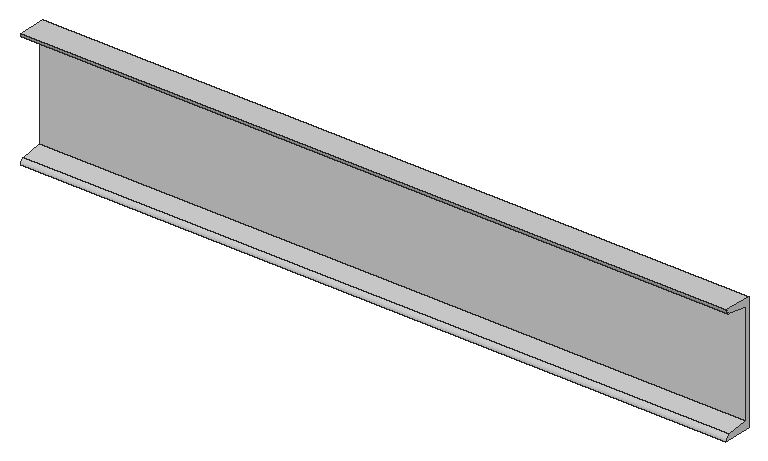
Revit family "99658f05857c4f8db6f27feab45fdcb0", category Structural Framing, Revit 2021
Family settings
  Structural Framing Length Roundoff = 0' - 0"
  Section Shape = Not Defined
  Material for Model Behavior = Steel
  Always export as geometry = No
  OmniClass Number = 23.25.30.11.14.14
  OmniClass Title = Beams
  Seek Item ID = MC-Miscellaneous Channel-0000-USA-ENU
  Always vertical = Yes
  Cut with Voids When Loaded = No
  Symbolic Representation = From Project Settings
  Shared = No
  Show family pre-cut in plan views = Yes
Parameters (values of type "MC8X8.5")
  W = 8.5
  Structural Material [instance] = Steel ASTM A36
  Assembly Code = "B10"
  Length [instance] = 5' - 0"
  bf = 0' - 1 223/256"
  d = 0' - 8"
  tf = 0' - 0 5/16"
  tw = 0' - 0 23/128"
  x = 0' - 0 55/128"
  A = 2.50 in²
Reference planes (in)
  plane 1 "Center (Front/Back)": y = 0
  plane 2: z = 0
  plane 3 "Center (Left/Right)": x = 0.1815
  plane 4 "Member Left": x = -23.8185
  plane 5 "Member Right": x = 24.1815
  plane 6: y = 0.42969
  plane 7: y = -1.44141
  plane 8 "Top": z = 4
  plane 9: z = -4
  plane 10 "Left": x = -29.8185
  plane 11 "Right": x = 30.1815
Forms (in)
  Sweep 1, solid, material "Steel ASTM A36" <- "Structural Material", detail levels fine
    path origin (0, 0, 0) x (1, 0, 0) y (0, 1, 0)
      loop
        line (24.1815, 0) -> (-23.8185, 0)
    profile "MC-Channel-Profile-Fine : MC-Channel-Profile-Fine" origin (0.1815, 0, 0) x (0, -1, 0) y (0, 0, 1)
      loop
        line (-0.42969, -4) -> (1.44141, -4)
        arc (1.44141, -4) -> (1.34988, -3.77903) -> (1.12891, -3.6875) r 0.3125
        line (1.12891, -3.6875) -> (-0.25, -3.4691) -> (-0.25, 3.4691) -> (1.12891, 3.6875)
        arc (1.12891, 3.6875) -> (1.34988, 3.77903) -> (1.44141, 4) r 0.3125
        line (1.44141, 4) -> (-0.42969, 4) -> (-0.42969, -4)
  Sweep 2, solid, material "Steel ASTM A36" <- "Structural Material", detail levels medium
    path origin (0, 0, 0) x (1, 0, 0) y (0, 1, 0)
      loop
        line (24.1815, 0) -> (-23.8185, 0)
    profile "MC-Channel-Profile-Medium : MC-Channel-Profile-Medium" origin (0.1815, 0, 0) x (0, -1, 0) y (0, 0, 1)
      loop
        line (-0.42969, -4) -> (1.44141, -4) -> (1.44141, -3.6875) -> (-0.25, -3.41961) -> (-0.25, 3.41961) -> (1.44141, 3.6875) -> (1.44141, 4) -> (-0.42969, 4) -> (-0.42969, -4)
Lines and regions (in)
  symbolic lines, style "Hidden Faces", detail levels medium+fine
    curve 1: line (-23.8185, 0.25, 0) -> (24.1815, 0.25, 0)
    curve 2: line (-23.8185, 0.6875, 3.46972) -> (24.1815, 0.6875, 3.46972)
    curve 3: line (-23.8185, 0.6875, -3.46972) -> (24.1815, 0.6875, -3.46972)
  symbolic lines, style "Stick Symbols", detail levels coarse
    curve 4: line (0.1815, 0.42969, -4) -> (0.1815, 0.42969, 4)
    curve 5: line (0.1815, 0.42969, 4) -> (0.1815, -1.44141, 4)
    curve 6: line (0.1815, -1.44141, -4) -> (0.1815, 0.42969, -4)
Dimensions and locks (in)
  "bf": plane 6 to plane 7
  "d": plane 9 to plane 8 "Top"
  "x": plane 6 to plane 1 "Center (Front/Back)"
  equal spacing: plane 9, plane 2, plane 8 "Top"
  "Length": plane 10 "Left" to plane 11 "Right"
  "tw": curve 1 to plane 6
  aligned and locked: Sweep 2 sketch curve to plane 1 "Center (Front/Back)"
  aligned and locked: Sweep 1 sketch curve to plane 1 "Center (Front/Back)"
  aligned and locked: curve 4 to Sweep 2
  aligned and locked: curve 5 to Sweep 2
  aligned and locked: Sweep 2 to curve 6
  aligned and locked: curve 6 to Sweep 2
  aligned and locked: Sweep 2 to curve 5
  aligned and locked: plane 4 "Member Left" to Sweep 2 sketch curve
  aligned and locked: plane 5 "Member Right" to Sweep 2 sketch curve
  aligned and locked: plane 4 "Member Left" to Sweep 1 sketch curve
  aligned and locked: plane 5 "Member Right" to Sweep 1 sketch curve
  aligned and locked: plane 4 "Member Left" to curve 1
  aligned and locked: plane 5 "Member Right" to curve 1
  aligned and locked: plane 4 "Member Left" to curve 2
  aligned and locked: plane 4 "Member Left" to curve 3
  aligned and locked: plane 5 "Member Right" to curve 2
  aligned and locked: plane 5 "Member Right" to curve 3
Automatic sketch dimensions
  curve 3 to plane 9 = 0' - 0.53028"
  plane 8 "Top" to curve 2 = 0' - 0.53028"
